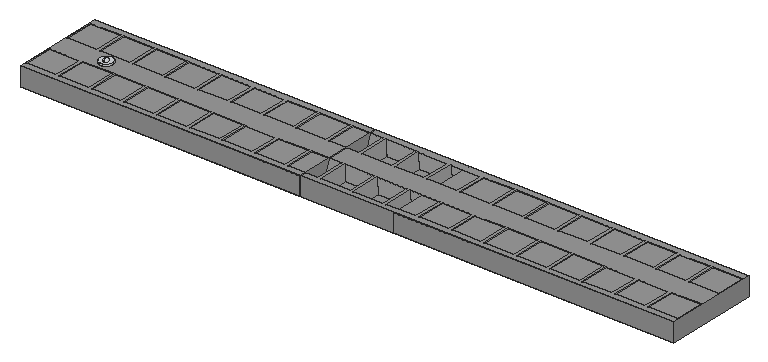
Revit family "2023776", category Lighting Fixtures, host Face, Revit 2018
Family settings
  Host = Face
  Round Connector Dimension = Use Diameter
  Part Type = Normal
  OmniClass Number = 23.80.70.00
  OmniClass Title = Lighting
  Cut with Voids When Loaded = No
  Light Source = Yes
  Shared = No
  Room Calculation Point = No
Parameters (values of type "2023776 OPTIX S 1500 2L D/I HO 4K ALU SSC")
  Weight = "n/a"
  Wattage Comments = ""
  Wattage = 9.2903 W
  WarrantyStartDate [instance] = "n/a"
  WarrantyGuarantorParts = "n/a"
  WarrantyDurationUnit = "n/a"
  WarrantyDurationParts = ""
  WarrantyDescription = "http://www.sylvania-lighting.com"
  built-in parameter 1150110 = 1 (stored number, unit not read)
  Voltage = 0 V
  URL = "0.98"
  TypeName = "OPTIX SURFACE 1500 2L D/I HO 4000K ALU SSC"
  Type Image = <None>
  Type Comments = "n/a"
  built-in parameter 1114217 = 1 (stored number, unit not read)
  Tilt Angle = -90.00°
  built-in parameter 1150109 = 1 (stored number, unit not read)
  built-in parameter 1150134 = 3
  built-in parameter 1150113 = 1 (stored number, unit not read)
  SerialNumber [instance] = "n/a"
  Photometric Web File = "2023776.ies"
  Material_3_SYL = none
  PowerFactor = 0
  PowerConsumption = "Lighting"
  NominalLength = 200 mm
  NominalHeight = 45 mm
  NominalDepth = 200 mm
  Name = "OPTIX SURFACE 1500 2L D/I HO 4000K ALU SSC"
  ModelReference = Name  # "OPTIX SURFACE 1500 2L D/I HO 4000K ALU SSC"
  ModelNumber = "2023776"
  Model = Name  # "OPTIX SURFACE 1500 2L D/I HO 4000K ALU SSC"
  Material = "Feilo Sylvania"
  ManufacturerName = "149 lm/W"
  Manufacturer = ""
  LuminousEfficacy = ""
  built-in parameter 1150105 = 109.82 (stored number, unit not read)
  Lumens = 1380 lm
  LuminaireType = "0"
  built-in parameter 1150115 = 1 (stored number, unit not read)
  LightOutputRatio = "LED"
  built-in parameter 1150137 = (empty or 0)
  built-in parameter 1150139 = (empty or 0)
  LampsType = Lamp  # "n/a"
  LampNominalLuminous = "4000 K"
  LampMacAdamStep = "80"
  LampColourTemperature = "LED"
  LampColourRenderingIndex = "16500"
  built-in parameter 1150112 = 1 (stored number, unit not read)
  built-in parameter 1150114 = 1 (stored number, unit not read)
  Lamp = "n/a"
  Keynote = "n/a"
  InstallationDate [instance] = "n/a"
  InputVoltage = "0"
  InputNominalFrequency = "4000"
  built-in parameter 1150132 = (empty or 0)
  built-in parameter 1150102 = (empty or 0)
  built-in parameter 1150107 = 3200 (stored number, unit not read)
  built-in parameter 1150138 = (empty or 0)
  IngressProtection = "IfcLightFixtureType"
  ImpactProtectionIndex = "IfcLightFixtureType"
  built-in parameter 1150106 = 1.0982 (stored number, unit not read)
  IfcExportType = "IfcLightFixtureType"
  IfcExportAs = "Class I"
  Emit from Circle Diameter = 609.6 mm
  Emit Shape Visible in Rendering = no
  ElectricShockClassification = "149"
  built-in parameter 1150104 = 13.8 (stored number, unit not read)
  DocumentationLiterature = "http://www.sylvania-lighting.com/product/en-int/products/2023776"
  DimmingControlOptions = "n/a"
  Material_2_SYL = none
  Dimming Lamp Color Temperature Shift = <None>
  Description = "OPTIX SURFACE 1500x200 2 LINE D/I HO 4000K ALU SSC is a high efficacy low glare luminaire for office and education applications. Direct / Indirect lighting with 80% downlight and 20% uplight ratio for ceiling suspended mounting. Size: 1410x200x45mm. Aluminised plastic extra low glare optics in 2 lines configuration. White RAL9016 fixture body. SylSmart Standalone capable. 4000K Neutral White LED, CRI>80, chromaticity tolerance of 3-step MacAdam ellipse. Luminous flux 7000lm. Power consumption 47W. Luminaire efficacy 149lm/W. Lifespan: 60,000 hours L90B10. UGR<16, Luminance at 65°<200 Cd/m2, IK07, IP20. Photobiological safety risk group 1. Electrical protection Class I. Glow wire test 850°C"
  Default Elevation = 1219.2 mm
  CreatedOn = "22/09/2022"
  CreatedBy = "@sylvania-lighting.com"
  Cost = 0
  Color Filter = 16777215
  built-in parameter 1114216 [instance] = (empty or 0)
  ClassificationValue = "EF_70_80"
  ClassificationName = "Uniclass2015"
  Material_1_SYL = none
  BarCode [instance] = "n/a"
  built-in parameter 1114218 = 1 (stored number, unit not read)
  built-in parameter 1150133 = 10 (stored number, unit not read)
  AssetType = "Fixed"
  AssetIdentifier [instance] = "n/a"
  Assembly Code = "D5020200"
  Apparent Load = 47 VA
  Material_4_SYL = none
Reference planes
  plane 1 "Center (Front/Back)": y = 0
  plane 2: z = 0
  plane 3 "Center (Left/Right)": x = 0
  plane 4: x = -100
  plane 5: x = 100
  plane 6: y = 100
  plane 7: y = -100
  plane 8: z = 45
  plane 9: x = -698.5
  plane 10: x = 698.5
  plane 11: x = -633
  plane 12: y = 23
  plane 13: y = -23
  plane 14: x = -563
  plane 15: x = -557
  plane 16: x = -493
  plane 17: x = -487
  plane 18: x = -423
  plane 19: x = -417
  plane 20: x = -353
  plane 21: x = -347
  plane 22: x = -283
  plane 23: x = -277
  plane 24: x = -213
  plane 25: x = -206.997
  plane 26: x = -142.997
  plane 27: x = -136.997
  plane 28: x = -72.997
  plane 29: x = -66.997
  plane 30: x = -2.997
  plane 31: x = 3.003
  plane 32: x = 67.003
  plane 33: x = 73.003
  plane 34: x = 137.003
  plane 35: x = 143.003
  plane 36: x = 207.003
  plane 37: x = 213.003
  plane 38: x = 277.003
  plane 39: x = 283.003
  plane 40: x = 347.003
  plane 41: x = 353.003
  plane 42: x = 417.003
  plane 43: x = 423.003
  plane 44: x = 487.003
  plane 45: x = 493.003
  plane 46: x = 557.003
  plane 47: x = 563.003
  plane 48: x = 627.003
  plane 49: x = 633.003
  plane 50: x = -627
  plane 51: x = 697.011
  plane 52: x = -697
  plane 53: y = -87
  plane 54: y = -55
  plane 55: y = -33.5
  plane 56: y = -76.5
  plane 57: x = -665
  plane 58: x = -643.5
  plane 59: x = -686.5
  plane 60: x = -595
  plane 61: y = -5
  plane 62: z = 52.5
Forms (mm)
  Extrusion 1, solid, material "Aluminum", detail levels medium+fine
    sketch origin (0, 0, 0) x (1, 0, 0) y (0, 1, 0)
      loop
        line (-512.5, 10) -> (-512.5, -10) -> (-487.5, -10) -> (-487.5, 10) -> (-512.5, 10)
    from 0 to 6
  Extrusion 2, solid, material "Aluminum", detail levels medium+fine
    sketch origin (0, 0, 0) x (1, 0, 0) y (0, 1, 0)
      loop
        line (486, 10) -> (486, -10) -> (511, -10) -> (511, 10) -> (486, 10)
    from 0 to 6
  Extrusion 3, solid, material "Aluminum", detail levels medium+fine
    sketch origin (0, 0, 0) x (1, 0, 0) y (0, 1, 0)
      loop
        line (-698.5, 100) -> (-698.5, -100) -> (698.5, -100) -> (698.5, 100) -> (-698.5, 100)
    from 6 to 45
  Extrusion 4, solid, material "Aluminum", detail levels medium+fine
    sketch origin (0, 0, 0) x (1, 0, 0) y (0, 1, 0)
      loop
        line (-100, 100) -> (-698.5, 100) -> (-698.5, -100) -> (-100, -100) -> (-100, 100)
    from 6 to 45
  Extrusion 5, solid, material "Aluminum", detail levels medium+fine
    sketch origin (0, 0, 0) x (1, 0, 0) y (0, 1, 0)
      loop
        line (698.5, 100) -> (100, 100) -> (100, -100) -> (698.5, -100) -> (698.5, 100)
    from 6 to 45
  Blend 6, void
    base sketch origin (0, 0, 0) x (1, 0, 0) y (0, 1, 0)
      loop
        line (-697, -23) -> (-697, -87) -> (-633, -87) -> (-633, -23) -> (-697, -23)
    top sketch origin (0, 0, 0) x (1, 0, 0) y (0, 1, 0)
      loop
        line (-686.5, -33.5) -> (-686.5, -76.5) -> (-643.5, -76.5) -> (-643.5, -33.5) -> (-686.5, -33.5)
    from 45 to 18.5
  Extrusion 7, solid, material "Glass, White, High Luminance", detail levels fine
    sketch origin (0, 0, 0) x (1, 0, 0) y (0, 1, 0)
      loop
        line (-686.5, -33.5) -> (-686.5, -76.5) -> (-643.5, -76.5) -> (-643.5, -33.5) -> (-686.5, -33.5)
    from 18.5 to 20
  Blend 8, void
    base sketch origin (70, 0, 0) x (1, 0, 0) y (0, 1, 0)
      loop
        line (-697, -23) -> (-697, -87) -> (-633, -87) -> (-633, -23) -> (-697, -23)
    top sketch origin (70, 0, 0) x (1, 0, 0) y (0, 1, 0)
      loop
        line (-686.5, -33.5) -> (-686.5, -76.5) -> (-643.5, -76.5) -> (-643.5, -33.5) -> (-686.5, -33.5)
    from 45 to 18.5
  Blend 9, void
    base sketch origin (140, 0, 0) x (1, 0, 0) y (0, 1, 0)
      loop
        line (-697, -23) -> (-697, -87) -> (-633, -87) -> (-633, -23) -> (-697, -23)
    top sketch origin (140, 0, 0) x (1, 0, 0) y (0, 1, 0)
      loop
        line (-686.5, -33.5) -> (-686.5, -76.5) -> (-643.5, -76.5) -> (-643.5, -33.5) -> (-686.5, -33.5)
    from 45 to 18.5
  Blend 10, void
    base sketch origin (210, 0, 0) x (1, 0, 0) y (0, 1, 0)
      loop
        line (-697, -23) -> (-697, -87) -> (-633, -87) -> (-633, -23) -> (-697, -23)
    top sketch origin (210, 0, 0) x (1, 0, 0) y (0, 1, 0)
      loop
        line (-686.5, -33.5) -> (-686.5, -76.5) -> (-643.5, -76.5) -> (-643.5, -33.5) -> (-686.5, -33.5)
    from 45 to 18.5
  Blend 11, void
    base sketch origin (280, 0, 0) x (1, 0, 0) y (0, 1, 0)
      loop
        line (-697, -23) -> (-697, -87) -> (-633, -87) -> (-633, -23) -> (-697, -23)
    top sketch origin (280, 0, 0) x (1, 0, 0) y (0, 1, 0)
      loop
        line (-686.5, -33.5) -> (-686.5, -76.5) -> (-643.5, -76.5) -> (-643.5, -33.5) -> (-686.5, -33.5)
    from 45 to 18.5
  Blend 12, void
    base sketch origin (350, 0, 0) x (1, 0, 0) y (0, 1, 0)
      loop
        line (-697, -23) -> (-697, -87) -> (-633, -87) -> (-633, -23) -> (-697, -23)
    top sketch origin (350, 0, 0) x (1, 0, 0) y (0, 1, 0)
      loop
        line (-686.5, -33.5) -> (-686.5, -76.5) -> (-643.5, -76.5) -> (-643.5, -33.5) -> (-686.5, -33.5)
    from 45 to 18.5
  Blend 13, void
    base sketch origin (420, 0, 0) x (1, 0, 0) y (0, 1, 0)
      loop
        line (-697, -23) -> (-697, -87) -> (-633, -87) -> (-633, -23) -> (-697, -23)
    top sketch origin (420, 0, 0) x (1, 0, 0) y (0, 1, 0)
      loop
        line (-686.5, -33.5) -> (-686.5, -76.5) -> (-643.5, -76.5) -> (-643.5, -33.5) -> (-686.5, -33.5)
    from 45 to 18.5
  Blend 14, void
    base sketch origin (490.003, 0, 0) x (1, 0, 0) y (0, 1, 0)
      loop
        line (-697, -23) -> (-697, -87) -> (-633, -87) -> (-633, -23) -> (-697, -23)
    top sketch origin (490.003, 0, 0) x (1, 0, 0) y (0, 1, 0)
      loop
        line (-686.5, -33.5) -> (-686.5, -76.5) -> (-643.5, -76.5) -> (-643.5, -33.5) -> (-686.5, -33.5)
    from 45 to 18.5
  Blend 15, void
    base sketch origin (560.003, 0, 0) x (1, 0, 0) y (0, 1, 0)
      loop
        line (-697, -23) -> (-697, -87) -> (-633, -87) -> (-633, -23) -> (-697, -23)
    top sketch origin (560.003, 0, 0) x (1, 0, 0) y (0, 1, 0)
      loop
        line (-686.5, -33.5) -> (-686.5, -76.5) -> (-643.5, -76.5) -> (-643.5, -33.5) -> (-686.5, -33.5)
    from 45 to 18.5
  Blend 16, void
    base sketch origin (630.003, 0, 0) x (1, 0, 0) y (0, 1, 0)
      loop
        line (-697, -23) -> (-697, -87) -> (-633, -87) -> (-633, -23) -> (-697, -23)
    top sketch origin (630.003, 0, 0) x (1, 0, 0) y (0, 1, 0)
      loop
        line (-686.5, -33.5) -> (-686.5, -76.5) -> (-643.5, -76.5) -> (-643.5, -33.5) -> (-686.5, -33.5)
    from 45 to 18.5
  Blend 17, void
    base sketch origin (700.003, 0, 0) x (1, 0, 0) y (0, 1, 0)
      loop
        line (-697, -23) -> (-697, -87) -> (-633, -87) -> (-633, -23) -> (-697, -23)
    top sketch origin (700.003, 0, 0) x (1, 0, 0) y (0, 1, 0)
      loop
        line (-686.5, -33.5) -> (-686.5, -76.5) -> (-643.5, -76.5) -> (-643.5, -33.5) -> (-686.5, -33.5)
    from 45 to 18.5
  Blend 18, void
    base sketch origin (770.003, 0, 0) x (1, 0, 0) y (0, 1, 0)
      loop
        line (-697, -23) -> (-697, -87) -> (-633, -87) -> (-633, -23) -> (-697, -23)
    top sketch origin (770.003, 0, 0) x (1, 0, 0) y (0, 1, 0)
      loop
        line (-686.5, -33.5) -> (-686.5, -76.5) -> (-643.5, -76.5) -> (-643.5, -33.5) -> (-686.5, -33.5)
    from 45 to 18.5
  Blend 19, void
    base sketch origin (840.003, 0, 0) x (1, 0, 0) y (0, 1, 0)
      loop
        line (-697, -23) -> (-697, -87) -> (-633, -87) -> (-633, -23) -> (-697, -23)
    top sketch origin (840.003, 0, 0) x (1, 0, 0) y (0, 1, 0)
      loop
        line (-686.5, -33.5) -> (-686.5, -76.5) -> (-643.5, -76.5) -> (-643.5, -33.5) -> (-686.5, -33.5)
    from 45 to 18.5
  Blend 20, void
    base sketch origin (910.003, 0, 0) x (1, 0, 0) y (0, 1, 0)
      loop
        line (-697, -23) -> (-697, -87) -> (-633, -87) -> (-633, -23) -> (-697, -23)
    top sketch origin (910.003, 0, 0) x (1, 0, 0) y (0, 1, 0)
      loop
        line (-686.5, -33.5) -> (-686.5, -76.5) -> (-643.5, -76.5) -> (-643.5, -33.5) -> (-686.5, -33.5)
    from 45 to 18.5
  Blend 21, void
    base sketch origin (980.003, 0, 0) x (1, 0, 0) y (0, 1, 0)
      loop
        line (-697, -23) -> (-697, -87) -> (-633, -87) -> (-633, -23) -> (-697, -23)
    top sketch origin (980.003, 0, 0) x (1, 0, 0) y (0, 1, 0)
      loop
        line (-686.5, -33.5) -> (-686.5, -76.5) -> (-643.5, -76.5) -> (-643.5, -33.5) -> (-686.5, -33.5)
    from 45 to 18.5
  Blend 22, void
    base sketch origin (1050.003, 0, 0) x (1, 0, 0) y (0, 1, 0)
      loop
        line (-697, -23) -> (-697, -87) -> (-633, -87) -> (-633, -23) -> (-697, -23)
    top sketch origin (1050.003, 0, 0) x (1, 0, 0) y (0, 1, 0)
      loop
        line (-686.5, -33.5) -> (-686.5, -76.5) -> (-643.5, -76.5) -> (-643.5, -33.5) -> (-686.5, -33.5)
    from 45 to 18.5
  Blend 23, void
    base sketch origin (1120.003, 0, 0) x (1, 0, 0) y (0, 1, 0)
      loop
        line (-697, -23) -> (-697, -87) -> (-633, -87) -> (-633, -23) -> (-697, -23)
    top sketch origin (1120.003, 0, 0) x (1, 0, 0) y (0, 1, 0)
      loop
        line (-686.5, -33.5) -> (-686.5, -76.5) -> (-643.5, -76.5) -> (-643.5, -33.5) -> (-686.5, -33.5)
    from 45 to 18.5
  Blend 24, void
    base sketch origin (1190.003, 0, 0) x (1, 0, 0) y (0, 1, 0)
      loop
        line (-697, -23) -> (-697, -87) -> (-633, -87) -> (-633, -23) -> (-697, -23)
    top sketch origin (1190.003, 0, 0) x (1, 0, 0) y (0, 1, 0)
      loop
        line (-686.5, -33.5) -> (-686.5, -76.5) -> (-643.5, -76.5) -> (-643.5, -33.5) -> (-686.5, -33.5)
    from 45 to 18.5
  Blend 25, void
    base sketch origin (1260.003, 0, 0) x (1, 0, 0) y (0, 1, 0)
      loop
        line (-697, -23) -> (-697, -87) -> (-633, -87) -> (-633, -23) -> (-697, -23)
    top sketch origin (1260.003, 0, 0) x (1, 0, 0) y (0, 1, 0)
      loop
        line (-686.5, -33.5) -> (-686.5, -76.5) -> (-643.5, -76.5) -> (-643.5, -33.5) -> (-686.5, -33.5)
    from 45 to 18.5
  Blend 26, void
    base sketch origin (1330.003, 0, 0) x (1, 0, 0) y (0, 1, 0)
      loop
        line (-697, -23) -> (-697, -87) -> (-633, -87) -> (-633, -23) -> (-697, -23)
    top sketch origin (1330.003, 0, 0) x (1, 0, 0) y (0, 1, 0)
      loop
        line (-686.5, -33.5) -> (-686.5, -76.5) -> (-643.5, -76.5) -> (-643.5, -33.5) -> (-686.5, -33.5)
    from 45 to 18.5
  Extrusion 27, solid, material "Glass, White, High Luminance", detail levels fine
    sketch origin (70, 0, 0) x (1, 0, 0) y (0, 1, 0)
      loop
        line (-686.5, -33.5) -> (-686.5, -76.5) -> (-643.5, -76.5) -> (-643.5, -33.5) -> (-686.5, -33.5)
    from 18.5 to 20
  Extrusion 28, solid, material "Glass, White, High Luminance", detail levels fine
    sketch origin (140, 0, 0) x (1, 0, 0) y (0, 1, 0)
      loop
        line (-686.5, -33.5) -> (-686.5, -76.5) -> (-643.5, -76.5) -> (-643.5, -33.5) -> (-686.5, -33.5)
    from 18.5 to 20
  Extrusion 29, solid, material "Glass, White, High Luminance", detail levels fine
    sketch origin (210, 0, 0) x (1, 0, 0) y (0, 1, 0)
      loop
        line (-686.5, -33.5) -> (-686.5, -76.5) -> (-643.5, -76.5) -> (-643.5, -33.5) -> (-686.5, -33.5)
    from 18.5 to 20
  Extrusion 30, solid, material "Glass, White, High Luminance", detail levels fine
    sketch origin (280, 0, 0) x (1, 0, 0) y (0, 1, 0)
      loop
        line (-686.5, -33.5) -> (-686.5, -76.5) -> (-643.5, -76.5) -> (-643.5, -33.5) -> (-686.5, -33.5)
    from 18.5 to 20
  Extrusion 31, solid, material "Glass, White, High Luminance", detail levels fine
    sketch origin (350, 0, 0) x (1, 0, 0) y (0, 1, 0)
      loop
        line (-686.5, -33.5) -> (-686.5, -76.5) -> (-643.5, -76.5) -> (-643.5, -33.5) -> (-686.5, -33.5)
    from 18.5 to 20
  Extrusion 32, solid, material "Glass, White, High Luminance", detail levels fine
    sketch origin (420, 0, 0) x (1, 0, 0) y (0, 1, 0)
      loop
        line (-686.5, -33.5) -> (-686.5, -76.5) -> (-643.5, -76.5) -> (-643.5, -33.5) -> (-686.5, -33.5)
    from 18.5 to 20
  Extrusion 33, solid, material "Glass, White, High Luminance", detail levels fine
    sketch origin (490.003, 0, 0) x (1, 0, 0) y (0, 1, 0)
      loop
        line (-686.5, -33.5) -> (-686.5, -76.5) -> (-643.5, -76.5) -> (-643.5, -33.5) -> (-686.5, -33.5)
    from 18.5 to 20
  Extrusion 34, solid, material "Glass, White, High Luminance", detail levels fine
    sketch origin (560.003, 0, 0) x (1, 0, 0) y (0, 1, 0)
      loop
        line (-686.5, -33.5) -> (-686.5, -76.5) -> (-643.5, -76.5) -> (-643.5, -33.5) -> (-686.5, -33.5)
    from 18.5 to 20
  Extrusion 35, solid, material "Glass, White, High Luminance", detail levels fine
    sketch origin (630.003, 0, 0) x (1, 0, 0) y (0, 1, 0)
      loop
        line (-686.5, -33.5) -> (-686.5, -76.5) -> (-643.5, -76.5) -> (-643.5, -33.5) -> (-686.5, -33.5)
    from 18.5 to 20
  Extrusion 36, solid, material "Glass, White, High Luminance", detail levels fine
    sketch origin (700.003, 0, 0) x (1, 0, 0) y (0, 1, 0)
      loop
        line (-686.5, -33.5) -> (-686.5, -76.5) -> (-643.5, -76.5) -> (-643.5, -33.5) -> (-686.5, -33.5)
    from 18.5 to 20
  Extrusion 37, solid, material "Glass, White, High Luminance", detail levels fine
    sketch origin (770.003, 0, 0) x (1, 0, 0) y (0, 1, 0)
      loop
        line (-686.5, -33.5) -> (-686.5, -76.5) -> (-643.5, -76.5) -> (-643.5, -33.5) -> (-686.5, -33.5)
    from 18.5 to 20
  Extrusion 38, solid, material "Glass, White, High Luminance", detail levels fine
    sketch origin (840.003, 0, 0) x (1, 0, 0) y (0, 1, 0)
      loop
        line (-686.5, -33.5) -> (-686.5, -76.5) -> (-643.5, -76.5) -> (-643.5, -33.5) -> (-686.5, -33.5)
    from 18.5 to 20
  Extrusion 39, solid, material "Glass, White, High Luminance", detail levels fine
    sketch origin (910.003, 0, 0) x (1, 0, 0) y (0, 1, 0)
      loop
        line (-686.5, -33.5) -> (-686.5, -76.5) -> (-643.5, -76.5) -> (-643.5, -33.5) -> (-686.5, -33.5)
    from 18.5 to 20
  Extrusion 40, solid, material "Glass, White, High Luminance", detail levels fine
    sketch origin (980.003, 0, 0) x (1, 0, 0) y (0, 1, 0)
      loop
        line (-686.5, -33.5) -> (-686.5, -76.5) -> (-643.5, -76.5) -> (-643.5, -33.5) -> (-686.5, -33.5)
    from 18.5 to 20
  Extrusion 41, solid, material "Glass, White, High Luminance", detail levels fine
    sketch origin (1050.003, 0, 0) x (1, 0, 0) y (0, 1, 0)
      loop
        line (-686.5, -33.5) -> (-686.5, -76.5) -> (-643.5, -76.5) -> (-643.5, -33.5) -> (-686.5, -33.5)
    from 18.5 to 20
  Extrusion 42, solid, material "Glass, White, High Luminance", detail levels fine
    sketch origin (1120.003, 0, 0) x (1, 0, 0) y (0, 1, 0)
      loop
        line (-686.5, -33.5) -> (-686.5, -76.5) -> (-643.5, -76.5) -> (-643.5, -33.5) -> (-686.5, -33.5)
    from 18.5 to 20
  Extrusion 43, solid, material "Glass, White, High Luminance", detail levels fine
    sketch origin (1190.003, 0, 0) x (1, 0, 0) y (0, 1, 0)
      loop
        line (-686.5, -33.5) -> (-686.5, -76.5) -> (-643.5, -76.5) -> (-643.5, -33.5) -> (-686.5, -33.5)
    from 18.5 to 20
  Extrusion 44, solid, material "Glass, White, High Luminance", detail levels fine
    sketch origin (1260.003, 0, 0) x (1, 0, 0) y (0, 1, 0)
      loop
        line (-686.5, -33.5) -> (-686.5, -76.5) -> (-643.5, -76.5) -> (-643.5, -33.5) -> (-686.5, -33.5)
    from 18.5 to 20
  Extrusion 45, solid, material "Glass, White, High Luminance", detail levels fine
    sketch origin (1330.003, 0, 0) x (1, 0, 0) y (0, 1, 0)
      loop
        line (-686.5, -33.5) -> (-686.5, -76.5) -> (-643.5, -76.5) -> (-643.5, -33.5) -> (-686.5, -33.5)
    from 18.5 to 20
  Blend 46, void
    base sketch origin (0, 110, 0) x (1, 0, 0) y (0, 1, 0)
      loop
        line (-697, -23) -> (-697, -87) -> (-633, -87) -> (-633, -23) -> (-697, -23)
    top sketch origin (0, 110, 0) x (1, 0, 0) y (0, 1, 0)
      loop
        line (-686.5, -33.5) -> (-686.5, -76.5) -> (-643.5, -76.5) -> (-643.5, -33.5) -> (-686.5, -33.5)
    from 45 to 18.5
  Blend 47, void
    base sketch origin (70, 110, 0) x (1, 0, 0) y (0, 1, 0)
      loop
        line (-697, -23) -> (-697, -87) -> (-633, -87) -> (-633, -23) -> (-697, -23)
    top sketch origin (70, 110, 0) x (1, 0, 0) y (0, 1, 0)
      loop
        line (-686.5, -33.5) -> (-686.5, -76.5) -> (-643.5, -76.5) -> (-643.5, -33.5) -> (-686.5, -33.5)
    from 45 to 18.5
  Blend 48, void
    base sketch origin (140, 110, 0) x (1, 0, 0) y (0, 1, 0)
      loop
        line (-697, -23) -> (-697, -87) -> (-633, -87) -> (-633, -23) -> (-697, -23)
    top sketch origin (140, 110, 0) x (1, 0, 0) y (0, 1, 0)
      loop
        line (-686.5, -33.5) -> (-686.5, -76.5) -> (-643.5, -76.5) -> (-643.5, -33.5) -> (-686.5, -33.5)
    from 45 to 18.5
  Blend 49, void
    base sketch origin (210, 110, 0) x (1, 0, 0) y (0, 1, 0)
      loop
        line (-697, -23) -> (-697, -87) -> (-633, -87) -> (-633, -23) -> (-697, -23)
    top sketch origin (210, 110, 0) x (1, 0, 0) y (0, 1, 0)
      loop
        line (-686.5, -33.5) -> (-686.5, -76.5) -> (-643.5, -76.5) -> (-643.5, -33.5) -> (-686.5, -33.5)
    from 45 to 18.5
  Blend 50, void
    base sketch origin (280, 110, 0) x (1, 0, 0) y (0, 1, 0)
      loop
        line (-697, -23) -> (-697, -87) -> (-633, -87) -> (-633, -23) -> (-697, -23)
    top sketch origin (280, 110, 0) x (1, 0, 0) y (0, 1, 0)
      loop
        line (-686.5, -33.5) -> (-686.5, -76.5) -> (-643.5, -76.5) -> (-643.5, -33.5) -> (-686.5, -33.5)
    from 45 to 18.5
  Blend 51, void
    base sketch origin (350, 110, 0) x (1, 0, 0) y (0, 1, 0)
      loop
        line (-697, -23) -> (-697, -87) -> (-633, -87) -> (-633, -23) -> (-697, -23)
    top sketch origin (350, 110, 0) x (1, 0, 0) y (0, 1, 0)
      loop
        line (-686.5, -33.5) -> (-686.5, -76.5) -> (-643.5, -76.5) -> (-643.5, -33.5) -> (-686.5, -33.5)
    from 45 to 18.5
  Blend 52, void
    base sketch origin (420, 110, 0) x (1, 0, 0) y (0, 1, 0)
      loop
        line (-697, -23) -> (-697, -87) -> (-633, -87) -> (-633, -23) -> (-697, -23)
    top sketch origin (420, 110, 0) x (1, 0, 0) y (0, 1, 0)
      loop
        line (-686.5, -33.5) -> (-686.5, -76.5) -> (-643.5, -76.5) -> (-643.5, -33.5) -> (-686.5, -33.5)
    from 45 to 18.5
  Blend 53, void
    base sketch origin (490.003, 110, 0) x (1, 0, 0) y (0, 1, 0)
      loop
        line (-697, -23) -> (-697, -87) -> (-633, -87) -> (-633, -23) -> (-697, -23)
    top sketch origin (490.003, 110, 0) x (1, 0, 0) y (0, 1, 0)
      loop
        line (-686.5, -33.5) -> (-686.5, -76.5) -> (-643.5, -76.5) -> (-643.5, -33.5) -> (-686.5, -33.5)
    from 45 to 18.5
  Blend 54, void
    base sketch origin (560.003, 110, 0) x (1, 0, 0) y (0, 1, 0)
      loop
        line (-697, -23) -> (-697, -87) -> (-633, -87) -> (-633, -23) -> (-697, -23)
    top sketch origin (560.003, 110, 0) x (1, 0, 0) y (0, 1, 0)
      loop
        line (-686.5, -33.5) -> (-686.5, -76.5) -> (-643.5, -76.5) -> (-643.5, -33.5) -> (-686.5, -33.5)
    from 45 to 18.5
  Blend 55, void
    base sketch origin (630.003, 110, 0) x (1, 0, 0) y (0, 1, 0)
      loop
        line (-697, -23) -> (-697, -87) -> (-633, -87) -> (-633, -23) -> (-697, -23)
    top sketch origin (630.003, 110, 0) x (1, 0, 0) y (0, 1, 0)
      loop
        line (-686.5, -33.5) -> (-686.5, -76.5) -> (-643.5, -76.5) -> (-643.5, -33.5) -> (-686.5, -33.5)
    from 45 to 18.5
  Blend 56, void
    base sketch origin (700.003, 110, 0) x (1, 0, 0) y (0, 1, 0)
      loop
        line (-697, -23) -> (-697, -87) -> (-633, -87) -> (-633, -23) -> (-697, -23)
    top sketch origin (700.003, 110, 0) x (1, 0, 0) y (0, 1, 0)
      loop
        line (-686.5, -33.5) -> (-686.5, -76.5) -> (-643.5, -76.5) -> (-643.5, -33.5) -> (-686.5, -33.5)
    from 45 to 18.5
  Blend 57, void
    base sketch origin (770.003, 110, 0) x (1, 0, 0) y (0, 1, 0)
      loop
        line (-697, -23) -> (-697, -87) -> (-633, -87) -> (-633, -23) -> (-697, -23)
    top sketch origin (770.003, 110, 0) x (1, 0, 0) y (0, 1, 0)
      loop
        line (-686.5, -33.5) -> (-686.5, -76.5) -> (-643.5, -76.5) -> (-643.5, -33.5) -> (-686.5, -33.5)
    from 45 to 18.5
  Blend 58, void
    base sketch origin (840.003, 110, 0) x (1, 0, 0) y (0, 1, 0)
      loop
        line (-697, -23) -> (-697, -87) -> (-633, -87) -> (-633, -23) -> (-697, -23)
    top sketch origin (840.003, 110, 0) x (1, 0, 0) y (0, 1, 0)
      loop
        line (-686.5, -33.5) -> (-686.5, -76.5) -> (-643.5, -76.5) -> (-643.5, -33.5) -> (-686.5, -33.5)
    from 45 to 18.5
  Blend 59, void
    base sketch origin (910.003, 110, 0) x (1, 0, 0) y (0, 1, 0)
      loop
        line (-697, -23) -> (-697, -87) -> (-633, -87) -> (-633, -23) -> (-697, -23)
    top sketch origin (910.003, 110, 0) x (1, 0, 0) y (0, 1, 0)
      loop
        line (-686.5, -33.5) -> (-686.5, -76.5) -> (-643.5, -76.5) -> (-643.5, -33.5) -> (-686.5, -33.5)
    from 45 to 18.5
  Blend 60, void
    base sketch origin (980.003, 110, 0) x (1, 0, 0) y (0, 1, 0)
      loop
        line (-697, -23) -> (-697, -87) -> (-633, -87) -> (-633, -23) -> (-697, -23)
    top sketch origin (980.003, 110, 0) x (1, 0, 0) y (0, 1, 0)
      loop
        line (-686.5, -33.5) -> (-686.5, -76.5) -> (-643.5, -76.5) -> (-643.5, -33.5) -> (-686.5, -33.5)
    from 45 to 18.5
  Blend 61, void
    base sketch origin (1050.003, 110, 0) x (1, 0, 0) y (0, 1, 0)
      loop
        line (-697, -23) -> (-697, -87) -> (-633, -87) -> (-633, -23) -> (-697, -23)
    top sketch origin (1050.003, 110, 0) x (1, 0, 0) y (0, 1, 0)
      loop
        line (-686.5, -33.5) -> (-686.5, -76.5) -> (-643.5, -76.5) -> (-643.5, -33.5) -> (-686.5, -33.5)
    from 45 to 18.5
  Blend 62, void
    base sketch origin (1120.003, 110, 0) x (1, 0, 0) y (0, 1, 0)
      loop
        line (-697, -23) -> (-697, -87) -> (-633, -87) -> (-633, -23) -> (-697, -23)
    top sketch origin (1120.003, 110, 0) x (1, 0, 0) y (0, 1, 0)
      loop
        line (-686.5, -33.5) -> (-686.5, -76.5) -> (-643.5, -76.5) -> (-643.5, -33.5) -> (-686.5, -33.5)
    from 45 to 18.5
  Blend 63, void
    base sketch origin (1190.003, 110, 0) x (1, 0, 0) y (0, 1, 0)
      loop
        line (-697, -23) -> (-697, -87) -> (-633, -87) -> (-633, -23) -> (-697, -23)
    top sketch origin (1190.003, 110, 0) x (1, 0, 0) y (0, 1, 0)
      loop
        line (-686.5, -33.5) -> (-686.5, -76.5) -> (-643.5, -76.5) -> (-643.5, -33.5) -> (-686.5, -33.5)
    from 45 to 18.5
  Blend 64, void
    base sketch origin (1260.003, 110, 0) x (1, 0, 0) y (0, 1, 0)
      loop
        line (-697, -23) -> (-697, -87) -> (-633, -87) -> (-633, -23) -> (-697, -23)
    top sketch origin (1260.003, 110, 0) x (1, 0, 0) y (0, 1, 0)
      loop
        line (-686.5, -33.5) -> (-686.5, -76.5) -> (-643.5, -76.5) -> (-643.5, -33.5) -> (-686.5, -33.5)
    from 45 to 18.5
  Blend 65, void
    base sketch origin (1330.003, 110, 0) x (1, 0, 0) y (0, 1, 0)
      loop
        line (-697, -23) -> (-697, -87) -> (-633, -87) -> (-633, -23) -> (-697, -23)
    top sketch origin (1330.003, 110, 0) x (1, 0, 0) y (0, 1, 0)
      loop
        line (-686.5, -33.5) -> (-686.5, -76.5) -> (-643.5, -76.5) -> (-643.5, -33.5) -> (-686.5, -33.5)
    from 45 to 18.5
  Extrusion 66, solid, material "Glass, White, High Luminance", detail levels fine
    sketch origin (0, 110, 0) x (1, 0, 0) y (0, 1, 0)
      loop
        line (-686.5, -33.5) -> (-686.5, -76.5) -> (-643.5, -76.5) -> (-643.5, -33.5) -> (-686.5, -33.5)
    from 18.5 to 20
  Extrusion 67, solid, material "Glass, White, High Luminance", detail levels fine
    sketch origin (70, 110, 0) x (1, 0, 0) y (0, 1, 0)
      loop
        line (-686.5, -33.5) -> (-686.5, -76.5) -> (-643.5, -76.5) -> (-643.5, -33.5) -> (-686.5, -33.5)
    from 18.5 to 20
  Extrusion 68, solid, material "Glass, White, High Luminance", detail levels fine
    sketch origin (140, 110, 0) x (1, 0, 0) y (0, 1, 0)
      loop
        line (-686.5, -33.5) -> (-686.5, -76.5) -> (-643.5, -76.5) -> (-643.5, -33.5) -> (-686.5, -33.5)
    from 18.5 to 20
  Extrusion 69, solid, material "Glass, White, High Luminance", detail levels fine
    sketch origin (210, 110, 0) x (1, 0, 0) y (0, 1, 0)
      loop
        line (-686.5, -33.5) -> (-686.5, -76.5) -> (-643.5, -76.5) -> (-643.5, -33.5) -> (-686.5, -33.5)
    from 18.5 to 20
  Extrusion 70, solid, material "Glass, White, High Luminance", detail levels fine
    sketch origin (280, 110, 0) x (1, 0, 0) y (0, 1, 0)
      loop
        line (-686.5, -33.5) -> (-686.5, -76.5) -> (-643.5, -76.5) -> (-643.5, -33.5) -> (-686.5, -33.5)
    from 18.5 to 20
  Extrusion 71, solid, material "Glass, White, High Luminance", detail levels fine
    sketch origin (350, 110, 0) x (1, 0, 0) y (0, 1, 0)
      loop
        line (-686.5, -33.5) -> (-686.5, -76.5) -> (-643.5, -76.5) -> (-643.5, -33.5) -> (-686.5, -33.5)
    from 18.5 to 20
  Extrusion 72, solid, material "Glass, White, High Luminance", detail levels fine
    sketch origin (420, 110, 0) x (1, 0, 0) y (0, 1, 0)
      loop
        line (-686.5, -33.5) -> (-686.5, -76.5) -> (-643.5, -76.5) -> (-643.5, -33.5) -> (-686.5, -33.5)
    from 18.5 to 20
  Extrusion 73, solid, material "Glass, White, High Luminance", detail levels fine
    sketch origin (700.003, 110, 0) x (1, 0, 0) y (0, 1, 0)
      loop
        line (-686.5, -33.5) -> (-686.5, -76.5) -> (-643.5, -76.5) -> (-643.5, -33.5) -> (-686.5, -33.5)
    from 18.5 to 20
  Extrusion 74, solid, material "Glass, White, High Luminance", detail levels fine
    sketch origin (770.003, 110, 0) x (1, 0, 0) y (0, 1, 0)
      loop
        line (-686.5, -33.5) -> (-686.5, -76.5) -> (-643.5, -76.5) -> (-643.5, -33.5) -> (-686.5, -33.5)
    from 18.5 to 20
  Extrusion 75, solid, material "Glass, White, High Luminance", detail levels fine
    sketch origin (840.003, 110, 0) x (1, 0, 0) y (0, 1, 0)
      loop
        line (-686.5, -33.5) -> (-686.5, -76.5) -> (-643.5, -76.5) -> (-643.5, -33.5) -> (-686.5, -33.5)
    from 18.5 to 20
  Extrusion 76, solid, material "Glass, White, High Luminance", detail levels fine
    sketch origin (910.003, 110, 0) x (1, 0, 0) y (0, 1, 0)
      loop
        line (-686.5, -33.5) -> (-686.5, -76.5) -> (-643.5, -76.5) -> (-643.5, -33.5) -> (-686.5, -33.5)
    from 18.5 to 20
  Extrusion 77, solid, material "Glass, White, High Luminance", detail levels fine
    sketch origin (980.003, 110, 0) x (1, 0, 0) y (0, 1, 0)
      loop
        line (-686.5, -33.5) -> (-686.5, -76.5) -> (-643.5, -76.5) -> (-643.5, -33.5) -> (-686.5, -33.5)
    from 18.5 to 20
  Extrusion 78, solid, material "Glass, White, High Luminance", detail levels fine
    sketch origin (1050.003, 110, 0) x (1, 0, 0) y (0, 1, 0)
      loop
        line (-686.5, -33.5) -> (-686.5, -76.5) -> (-643.5, -76.5) -> (-643.5, -33.5) -> (-686.5, -33.5)
    from 18.5 to 20
  Extrusion 79, solid, material "Glass, White, High Luminance", detail levels fine
    sketch origin (1120.003, 110, 0) x (1, 0, 0) y (0, 1, 0)
      loop
        line (-686.5, -33.5) -> (-686.5, -76.5) -> (-643.5, -76.5) -> (-643.5, -33.5) -> (-686.5, -33.5)
    from 18.5 to 20
  Extrusion 80, solid, material "Glass, White, High Luminance", detail levels fine
    sketch origin (1190.003, 110, 0) x (1, 0, 0) y (0, 1, 0)
      loop
        line (-686.5, -33.5) -> (-686.5, -76.5) -> (-643.5, -76.5) -> (-643.5, -33.5) -> (-686.5, -33.5)
    from 18.5 to 20
  Extrusion 81, solid, material "Glass, White, High Luminance", detail levels fine
    sketch origin (1260.003, 110, 0) x (1, 0, 0) y (0, 1, 0)
      loop
        line (-686.5, -33.5) -> (-686.5, -76.5) -> (-643.5, -76.5) -> (-643.5, -33.5) -> (-686.5, -33.5)
    from 18.5 to 20
  Extrusion 82, solid, material "Glass, White, High Luminance", detail levels fine
    sketch origin (1330.003, 110, 0) x (1, 0, 0) y (0, 1, 0)
      loop
        line (-686.5, -33.5) -> (-686.5, -76.5) -> (-643.5, -76.5) -> (-643.5, -33.5) -> (-686.5, -33.5)
    from 18.5 to 20
  Extrusion 83, solid, material "Glass, White, High Luminance", detail levels fine
    sketch origin (490.003, 110, 0) x (1, 0, 0) y (0, 1, 0)
      loop
        line (-686.5, -33.5) -> (-686.5, -76.5) -> (-643.5, -76.5) -> (-643.5, -33.5) -> (-686.5, -33.5)
    from 18.5 to 20
  Extrusion 84, solid, material "Glass, White, High Luminance", detail levels fine
    sketch origin (560.003, 110, 0) x (1, 0, 0) y (0, 1, 0)
      loop
        line (-686.5, -33.5) -> (-686.5, -76.5) -> (-643.5, -76.5) -> (-643.5, -33.5) -> (-686.5, -33.5)
    from 18.5 to 20
  Extrusion 85, solid, material "Glass, White, High Luminance", detail levels fine
    sketch origin (630.003, 110, 0) x (1, 0, 0) y (0, 1, 0)
      loop
        line (-686.5, -33.5) -> (-686.5, -76.5) -> (-643.5, -76.5) -> (-643.5, -33.5) -> (-686.5, -33.5)
    from 18.5 to 20
  Extrusion 86, solid, detail levels coarse
    sketch origin (0, 0, 0) x (1, 0, 0) y (0, 1, 0)
      loop
        line (-100, 100) -> (-100, -100) -> (100, -100) -> (100, 100) -> (-100, 100)
    from 0 to 52.5
  Extrusion 87, solid, detail levels medium+fine
    sketch origin (0, 0, 0) x (1, 0, 0) y (0, 1, 0)
      loop
        circle (-595, 0) r 14
    from 45 to 48
  Revolve 88, solid, detail levels medium+fine
    sketch origin (-595.001, 1524, 1219.205) x (0, 1, 0) y (0, 0, 1)
      loop
        arc (-1524, -1166.7) -> (-1527.37, -1167.983) -> (-1529, -1171.2) r 5
        line (-1529, -1171.2) -> (-1524, -1171.2) -> (-1524, -1166.7)
      axis (-1524, -1166.7) -> (-1524, -1171.2)
    angle from 0.32 to 360
Cuts and joins
  Blend 6, Blend 8, Blend 9, Blend 10, Blend 11, Blend 12, Blend 13, Blend 14, Blend 15, Blend 16, Blend 17, Blend 18, Blend 19, Blend 20, Blend 21, Blend 22, Blend 23, Blend 24, Blend 25, Blend 26, Blend 46, Blend 47, Blend 48, Blend 49, Blend 50, Blend 51, Blend 52, Blend 53, Blend 54, Blend 55, Blend 56, Blend 57, Blend 58, Blend 59, Blend 60, Blend 61, Blend 62, Blend 63, Blend 64, Blend 65 cuts Extrusion 3
  Blend 8, Blend 46 cuts Extrusion 7
  Blend 47 cuts Extrusion 27
  Blend 48 cuts Extrusion 28
  Blend 49 cuts Extrusion 29
  Blend 50 cuts Extrusion 30
  Blend 51 cuts Extrusion 31
  Blend 52 cuts Extrusion 32
  Blend 53 cuts Extrusion 33
  Blend 54 cuts Extrusion 34
  Blend 55 cuts Extrusion 35
  Blend 56 cuts Extrusion 36
  Blend 57 cuts Extrusion 37
  Blend 58 cuts Extrusion 38
  Blend 59 cuts Extrusion 39
  Blend 60 cuts Extrusion 40
  Blend 61 cuts Extrusion 41
  Blend 62 cuts Extrusion 42
  Blend 63 cuts Extrusion 43
  Blend 64 cuts Extrusion 44
  Blend 65 cuts Extrusion 45
Dimensions and locks
  "NominalLength": plane 4 to plane 5
  equal spacing: plane 4, plane 3 "Center (Left/Right)", plane 5
  "NominalDepth": plane 6 to plane 7
  equal spacing: plane 6, plane 1 "Center (Front/Back)", plane 7
  "NominalHeight": plane 8 to level
  aligned and locked: plane 2 to host face
  aligned and locked: level to host face
Automatic sketch dimensions
  host sketch curve to host sketch curve = 2438.4 mm  (x2)
  Extrusion 1 sketch curve to plane 16 = 19.5 mm
  Extrusion 1 sketch curve to plane 17 = 0.5 mm
  plane 1 "Center (Front/Back)" to Extrusion 1 sketch curve = 10 mm
  Extrusion 1 sketch curve to plane 1 "Center (Front/Back)" = 10 mm
  Extrusion 2 sketch curve to plane 44 = 1.003 mm
  plane 45 to Extrusion 2 sketch curve = 17.997 mm
  plane 1 "Center (Front/Back)" to Extrusion 2 sketch curve = 10 mm
  Extrusion 2 sketch curve to plane 1 "Center (Front/Back)" = 10 mm
  Extrusion 3 sketch curve to plane 7 = 0 mm
  Extrusion 3 sketch curve to plane 9 = 0 mm
  Extrusion 3 sketch curve to plane 10 = 0 mm
  Extrusion 3 sketch curve to plane 6 = 0 mm
  Extrusion 4 sketch curve to plane 4 = 0 mm
  Extrusion 4 sketch curve to plane 7 = 0 mm
  Extrusion 4 sketch curve to plane 9 = 0 mm
  Extrusion 4 sketch curve to plane 6 = 0 mm
  Extrusion 5 sketch curve to plane 7 = 0 mm
  Extrusion 5 sketch curve to plane 10 = 0 mm
  Extrusion 5 sketch curve to plane 5 = 0 mm
  Extrusion 5 sketch curve to plane 6 = 0 mm
  Blend 6 sketch curve to plane 52 = 0 mm
  Blend 6 sketch curve to plane 11 = 0 mm
  Blend 6 sketch curve to plane 53 = 0 mm
  Blend 6 sketch curve to plane 13 = 0 mm
  Blend 6 sketch curve to plane 56 = 0 mm
  Blend 6 sketch curve to plane 59 = 0 mm
  Blend 6 sketch curve to plane 58 = 0 mm
  Blend 6 sketch curve to plane 55 = 0 mm
  Extrusion 7 sketch curve to plane 56 = 0 mm
  Extrusion 7 sketch curve to plane 59 = 0 mm
  Extrusion 7 sketch curve to plane 58 = 0 mm
  Extrusion 7 sketch curve to plane 55 = 0 mm
  Blend 8 sketch curve to plane 50 = 0 mm
  Blend 8 sketch curve to plane 14 = 0 mm
  Blend 8 sketch curve to plane 53 = 0 mm
  Blend 8 sketch curve to plane 13 = 0 mm
  Blend 8 sketch curve to plane 56 = 0 mm
  Blend 8 sketch curve to plane 55 = 0 mm
  plane 50 to Blend 8 sketch curve = 10.5 mm
  Blend 8 sketch curve to plane 14 = 10.5 mm
  Blend 9 sketch curve to plane 15 = 0 mm
  Blend 9 sketch curve to plane 16 = 0 mm
  plane 53 to Blend 9 sketch curve = 0 mm
  Blend 9 sketch curve to plane 13 = 0 mm
  plane 56 to Blend 9 sketch curve = 0 mm
  plane 55 to Blend 9 sketch curve = 0 mm
  plane 15 to Blend 9 sketch curve = 10.5 mm
  Blend 9 sketch curve to plane 16 = 10.5 mm
  Blend 10 sketch curve to plane 17 = 0 mm
  Blend 10 sketch curve to plane 18 = 0 mm
  plane 53 to Blend 10 sketch curve = 0 mm
  Blend 10 sketch curve to plane 13 = 0 mm
  plane 56 to Blend 10 sketch curve = 0 mm
  plane 55 to Blend 10 sketch curve = 0 mm
  plane 17 to Blend 10 sketch curve = 10.5 mm
  Blend 10 sketch curve to plane 18 = 10.5 mm
  Blend 11 sketch curve to plane 19 = 0 mm
  Blend 11 sketch curve to plane 20 = 0 mm
  plane 53 to Blend 11 sketch curve = 0 mm
  Blend 11 sketch curve to plane 13 = 0 mm
  plane 56 to Blend 11 sketch curve = 0 mm
  plane 55 to Blend 11 sketch curve = 0 mm
  plane 19 to Blend 11 sketch curve = 10.5 mm
  Blend 11 sketch curve to plane 20 = 10.5 mm
  Blend 12 sketch curve to plane 21 = 0 mm
  Blend 12 sketch curve to plane 22 = 0 mm
  plane 53 to Blend 12 sketch curve = 0 mm
  Blend 12 sketch curve to plane 13 = 0 mm
  plane 56 to Blend 12 sketch curve = 0 mm
  plane 55 to Blend 12 sketch curve = 0 mm
  plane 21 to Blend 12 sketch curve = 10.5 mm
  Blend 12 sketch curve to plane 22 = 10.5 mm
  Blend 13 sketch curve to plane 23 = 0 mm
  Blend 13 sketch curve to plane 24 = 0 mm
  plane 53 to Blend 13 sketch curve = 0 mm
  Blend 13 sketch curve to plane 13 = 0 mm
  plane 56 to Blend 13 sketch curve = 0 mm
  plane 55 to Blend 13 sketch curve = 0 mm
  plane 23 to Blend 13 sketch curve = 10.5 mm
  Blend 13 sketch curve to plane 24 = 10.5 mm
  Blend 14 sketch curve to plane 25 = 0 mm
  Blend 14 sketch curve to plane 26 = 0 mm
  plane 53 to Blend 14 sketch curve = 0 mm
  Blend 14 sketch curve to plane 13 = 0 mm
  plane 56 to Blend 14 sketch curve = 0 mm
  plane 55 to Blend 14 sketch curve = 0 mm
  plane 25 to Blend 14 sketch curve = 10.5 mm
  Blend 14 sketch curve to plane 26 = 10.5 mm
  Blend 15 sketch curve to plane 27 = 0 mm
  Blend 15 sketch curve to plane 28 = 0 mm
  plane 53 to Blend 15 sketch curve = 0 mm
  Blend 15 sketch curve to plane 13 = 0 mm
  plane 56 to Blend 15 sketch curve = 0 mm
  plane 55 to Blend 15 sketch curve = 0 mm
  plane 27 to Blend 15 sketch curve = 10.5 mm
  Blend 15 sketch curve to plane 28 = 10.5 mm
  Blend 16 sketch curve to plane 29 = 0 mm
  Blend 16 sketch curve to plane 30 = 0 mm
  plane 53 to Blend 16 sketch curve = 0 mm
  Blend 16 sketch curve to plane 13 = 0 mm
  plane 56 to Blend 16 sketch curve = 0 mm
  plane 55 to Blend 16 sketch curve = 0 mm
  plane 29 to Blend 16 sketch curve = 10.5 mm
  Blend 16 sketch curve to plane 30 = 10.5 mm
  Blend 17 sketch curve to plane 31 = 0 mm
  Blend 17 sketch curve to plane 32 = 0 mm
  plane 53 to Blend 17 sketch curve = 0 mm
  Blend 17 sketch curve to plane 13 = 0 mm
  plane 56 to Blend 17 sketch curve = 0 mm
  plane 55 to Blend 17 sketch curve = 0 mm
  plane 31 to Blend 17 sketch curve = 10.5 mm
  Blend 17 sketch curve to plane 32 = 10.5 mm
  Blend 18 sketch curve to plane 33 = 0 mm
  Blend 18 sketch curve to plane 34 = 0 mm
  plane 53 to Blend 18 sketch curve = 0 mm
  Blend 18 sketch curve to plane 13 = 0 mm
  plane 56 to Blend 18 sketch curve = 0 mm
  plane 55 to Blend 18 sketch curve = 0 mm
  plane 33 to Blend 18 sketch curve = 10.5 mm
  Blend 18 sketch curve to plane 34 = 10.5 mm
  Blend 19 sketch curve to plane 35 = 0 mm
  Blend 19 sketch curve to plane 36 = 0 mm
  plane 53 to Blend 19 sketch curve = 0 mm
  Blend 19 sketch curve to plane 13 = 0 mm
  plane 56 to Blend 19 sketch curve = 0 mm
  plane 55 to Blend 19 sketch curve = 0 mm
  plane 35 to Blend 19 sketch curve = 10.5 mm
  Blend 19 sketch curve to plane 36 = 10.5 mm
  Blend 20 sketch curve to plane 37 = 0 mm
  Blend 20 sketch curve to plane 38 = 0 mm
  plane 53 to Blend 20 sketch curve = 0 mm
  Blend 20 sketch curve to plane 13 = 0 mm
  plane 56 to Blend 20 sketch curve = 0 mm
  plane 55 to Blend 20 sketch curve = 0 mm
  plane 37 to Blend 20 sketch curve = 10.5 mm
  Blend 20 sketch curve to plane 38 = 10.5 mm
  Blend 21 sketch curve to plane 39 = 0 mm
  Blend 21 sketch curve to plane 40 = 0 mm
  plane 53 to Blend 21 sketch curve = 0 mm
  Blend 21 sketch curve to plane 13 = 0 mm
  plane 56 to Blend 21 sketch curve = 0 mm
  plane 55 to Blend 21 sketch curve = 0 mm
  plane 39 to Blend 21 sketch curve = 10.5 mm
  Blend 21 sketch curve to plane 40 = 10.5 mm
  Blend 22 sketch curve to plane 41 = 0 mm
  Blend 22 sketch curve to plane 42 = 0 mm
  plane 53 to Blend 22 sketch curve = 0 mm
  Blend 22 sketch curve to plane 13 = 0 mm
  plane 56 to Blend 22 sketch curve = 0 mm
  plane 55 to Blend 22 sketch curve = 0 mm
  plane 41 to Blend 22 sketch curve = 10.5 mm
  Blend 22 sketch curve to plane 42 = 10.5 mm
  Blend 23 sketch curve to plane 43 = 0 mm
  Blend 23 sketch curve to plane 44 = 0 mm
  plane 53 to Blend 23 sketch curve = 0 mm
  Blend 23 sketch curve to plane 13 = 0 mm
  plane 56 to Blend 23 sketch curve = 0 mm
  plane 55 to Blend 23 sketch curve = 0 mm
  plane 43 to Blend 23 sketch curve = 10.5 mm
  Blend 23 sketch curve to plane 44 = 10.5 mm
  Blend 24 sketch curve to plane 45 = 0 mm
  Blend 24 sketch curve to plane 46 = 0 mm
  plane 53 to Blend 24 sketch curve = 0 mm
  Blend 24 sketch curve to plane 13 = 0 mm
  plane 56 to Blend 24 sketch curve = 0 mm
  plane 55 to Blend 24 sketch curve = 0 mm
  plane 45 to Blend 24 sketch curve = 10.5 mm
  Blend 24 sketch curve to plane 46 = 10.5 mm
  Blend 25 sketch curve to plane 47 = 0 mm
  Blend 25 sketch curve to plane 48 = 0 mm
  plane 53 to Blend 25 sketch curve = 0 mm
  Blend 25 sketch curve to plane 13 = 0 mm
  plane 56 to Blend 25 sketch curve = 0 mm
  plane 55 to Blend 25 sketch curve = 0 mm
  plane 47 to Blend 25 sketch curve = 10.5 mm
  Blend 25 sketch curve to plane 48 = 10.5 mm
  Blend 26 sketch curve to plane 49 = 0 mm
  plane 53 to Blend 26 sketch curve = 0 mm
  Blend 26 sketch curve to plane 13 = 0 mm
  Blend 26 sketch curve to plane 51 = 0.009 mm
  plane 56 to Blend 26 sketch curve = 0 mm
  plane 55 to Blend 26 sketch curve = 0 mm
  plane 49 to Blend 26 sketch curve = 10.5 mm
  Blend 26 sketch curve to plane 51 = 10.509 mm
  Extrusion 27 sketch curve to plane 56 = 0 mm
  Extrusion 27 sketch curve to plane 55 = 0 mm
  plane 50 to Extrusion 27 sketch curve = 10.5 mm
  Extrusion 27 sketch curve to plane 14 = 10.5 mm
  plane 56 to Extrusion 28 sketch curve = 0 mm
  plane 55 to Extrusion 28 sketch curve = 0 mm
  plane 15 to Extrusion 28 sketch curve = 10.5 mm
  Extrusion 28 sketch curve to plane 16 = 10.5 mm
  plane 56 to Extrusion 29 sketch curve = 0 mm
  plane 55 to Extrusion 29 sketch curve = 0 mm
  plane 17 to Extrusion 29 sketch curve = 10.5 mm
  Extrusion 29 sketch curve to plane 18 = 10.5 mm
  plane 56 to Extrusion 30 sketch curve = 0 mm
  plane 55 to Extrusion 30 sketch curve = 0 mm
  plane 19 to Extrusion 30 sketch curve = 10.5 mm
  Extrusion 30 sketch curve to plane 20 = 10.5 mm
  plane 56 to Extrusion 31 sketch curve = 0 mm
  plane 55 to Extrusion 31 sketch curve = 0 mm
  plane 21 to Extrusion 31 sketch curve = 10.5 mm
  Extrusion 31 sketch curve to plane 22 = 10.5 mm
  plane 56 to Extrusion 32 sketch curve = 0 mm
  plane 55 to Extrusion 32 sketch curve = 0 mm
  plane 23 to Extrusion 32 sketch curve = 10.5 mm
  Extrusion 32 sketch curve to plane 24 = 10.5 mm
  plane 56 to Extrusion 33 sketch curve = 0 mm
  plane 55 to Extrusion 33 sketch curve = 0 mm
  plane 25 to Extrusion 33 sketch curve = 10.5 mm
  Extrusion 33 sketch curve to plane 26 = 10.5 mm
  plane 56 to Extrusion 34 sketch curve = 0 mm
  plane 55 to Extrusion 34 sketch curve = 0 mm
  plane 27 to Extrusion 34 sketch curve = 10.5 mm
  Extrusion 34 sketch curve to plane 28 = 10.5 mm
  plane 56 to Extrusion 35 sketch curve = 0 mm
  plane 55 to Extrusion 35 sketch curve = 0 mm
  plane 29 to Extrusion 35 sketch curve = 10.5 mm
  Extrusion 35 sketch curve to plane 30 = 10.5 mm
  plane 56 to Extrusion 36 sketch curve = 0 mm
  plane 55 to Extrusion 36 sketch curve = 0 mm
  plane 31 to Extrusion 36 sketch curve = 10.5 mm
  Extrusion 36 sketch curve to plane 32 = 10.5 mm
  plane 56 to Extrusion 37 sketch curve = 0 mm
  plane 55 to Extrusion 37 sketch curve = 0 mm
  plane 33 to Extrusion 37 sketch curve = 10.5 mm
  Extrusion 37 sketch curve to plane 34 = 10.5 mm
  plane 56 to Extrusion 38 sketch curve = 0 mm
  plane 55 to Extrusion 38 sketch curve = 0 mm
  plane 35 to Extrusion 38 sketch curve = 10.5 mm
  Extrusion 38 sketch curve to plane 36 = 10.5 mm
  plane 56 to Extrusion 39 sketch curve = 0 mm
  plane 55 to Extrusion 39 sketch curve = 0 mm
  plane 37 to Extrusion 39 sketch curve = 10.5 mm
  Extrusion 39 sketch curve to plane 38 = 10.5 mm
  plane 56 to Extrusion 40 sketch curve = 0 mm
  plane 55 to Extrusion 40 sketch curve = 0 mm
  plane 39 to Extrusion 40 sketch curve = 10.5 mm
  Extrusion 40 sketch curve to plane 40 = 10.5 mm
  plane 56 to Extrusion 41 sketch curve = 0 mm
  plane 55 to Extrusion 41 sketch curve = 0 mm
  plane 41 to Extrusion 41 sketch curve = 10.5 mm
  Extrusion 41 sketch curve to plane 42 = 10.5 mm
  plane 56 to Extrusion 42 sketch curve = 0 mm
  plane 55 to Extrusion 42 sketch curve = 0 mm
  plane 43 to Extrusion 42 sketch curve = 10.5 mm
  Extrusion 42 sketch curve to plane 44 = 10.5 mm
  plane 56 to Extrusion 43 sketch curve = 0 mm
  plane 55 to Extrusion 43 sketch curve = 0 mm
  plane 45 to Extrusion 43 sketch curve = 10.5 mm
  Extrusion 43 sketch curve to plane 46 = 10.5 mm
  plane 56 to Extrusion 44 sketch curve = 0 mm
  plane 55 to Extrusion 44 sketch curve = 0 mm
  plane 47 to Extrusion 44 sketch curve = 10.5 mm
  Extrusion 44 sketch curve to plane 48 = 10.5 mm
  plane 56 to Extrusion 45 sketch curve = 0 mm
  plane 55 to Extrusion 45 sketch curve = 0 mm
  plane 49 to Extrusion 45 sketch curve = 10.5 mm
  Extrusion 45 sketch curve to plane 51 = 10.509 mm
  Blend 46 sketch curve to plane 12 = 0 mm
  Blend 46 sketch curve to plane 52 = 0 mm
  Blend 46 sketch curve to plane 11 = 0 mm
  Blend 46 sketch curve to plane 6 = 13 mm
  Blend 46 sketch curve to plane 59 = 0 mm
  Blend 46 sketch curve to plane 58 = 0 mm
  plane 12 to Blend 46 sketch curve = 10.5 mm
  Blend 46 sketch curve to plane 6 = 23.5 mm
  Blend 47 sketch curve to plane 12 = 0 mm
  Blend 47 sketch curve to plane 50 = 0 mm
  Blend 47 sketch curve to plane 14 = 0 mm
  Blend 47 sketch curve to plane 6 = 13 mm
  plane 50 to Blend 47 sketch curve = 10.5 mm
  Blend 47 sketch curve to plane 14 = 10.5 mm
  plane 12 to Blend 47 sketch curve = 10.5 mm
  Blend 47 sketch curve to plane 6 = 23.5 mm
  Blend 48 sketch curve to plane 12 = 0 mm
  Blend 48 sketch curve to plane 15 = 0 mm
  Blend 48 sketch curve to plane 16 = 0 mm
  Blend 48 sketch curve to plane 6 = 13 mm
  plane 15 to Blend 48 sketch curve = 10.5 mm
  Blend 48 sketch curve to plane 16 = 10.5 mm
  plane 12 to Blend 48 sketch curve = 10.5 mm
  Blend 48 sketch curve to plane 6 = 23.5 mm
  Blend 49 sketch curve to plane 12 = 0 mm
  Blend 49 sketch curve to plane 17 = 0 mm
  Blend 49 sketch curve to plane 18 = 0 mm
  Blend 49 sketch curve to plane 6 = 13 mm
  plane 17 to Blend 49 sketch curve = 10.5 mm
  Blend 49 sketch curve to plane 18 = 10.5 mm
  plane 12 to Blend 49 sketch curve = 10.5 mm
  Blend 49 sketch curve to plane 6 = 23.5 mm
  Blend 50 sketch curve to plane 12 = 0 mm
  Blend 50 sketch curve to plane 19 = 0 mm
  Blend 50 sketch curve to plane 20 = 0 mm
  Blend 50 sketch curve to plane 6 = 13 mm
  plane 19 to Blend 50 sketch curve = 10.5 mm
  Blend 50 sketch curve to plane 20 = 10.5 mm
  plane 12 to Blend 50 sketch curve = 10.5 mm
  Blend 50 sketch curve to plane 6 = 23.5 mm
  Blend 51 sketch curve to plane 12 = 0 mm
  Blend 51 sketch curve to plane 21 = 0 mm
  Blend 51 sketch curve to plane 22 = 0 mm
  Blend 51 sketch curve to plane 6 = 13 mm
  plane 21 to Blend 51 sketch curve = 10.5 mm
  Blend 51 sketch curve to plane 22 = 10.5 mm
  plane 12 to Blend 51 sketch curve = 10.5 mm
  Blend 51 sketch curve to plane 6 = 23.5 mm
  Blend 52 sketch curve to plane 12 = 0 mm
  Blend 52 sketch curve to plane 23 = 0 mm
  Blend 52 sketch curve to plane 24 = 0 mm
  Blend 52 sketch curve to plane 6 = 13 mm
  plane 23 to Blend 52 sketch curve = 10.5 mm
  Blend 52 sketch curve to plane 24 = 10.5 mm
  plane 12 to Blend 52 sketch curve = 10.5 mm
  Blend 52 sketch curve to plane 6 = 23.5 mm
  Blend 53 sketch curve to plane 12 = 0 mm
  Blend 53 sketch curve to plane 25 = 0 mm
  Blend 53 sketch curve to plane 26 = 0 mm
  Blend 53 sketch curve to plane 6 = 13 mm
  plane 25 to Blend 53 sketch curve = 10.5 mm
  Blend 53 sketch curve to plane 26 = 10.5 mm
  plane 12 to Blend 53 sketch curve = 10.5 mm
  Blend 53 sketch curve to plane 6 = 23.5 mm
  Blend 54 sketch curve to plane 12 = 0 mm
  Blend 54 sketch curve to plane 27 = 0 mm
  Blend 54 sketch curve to plane 28 = 0 mm
  Blend 54 sketch curve to plane 6 = 13 mm
  plane 27 to Blend 54 sketch curve = 10.5 mm
  Blend 54 sketch curve to plane 28 = 10.5 mm
  plane 12 to Blend 54 sketch curve = 10.5 mm
  Blend 54 sketch curve to plane 6 = 23.5 mm
  Blend 55 sketch curve to plane 12 = 0 mm
  Blend 55 sketch curve to plane 29 = 0 mm
  Blend 55 sketch curve to plane 30 = 0 mm
  Blend 55 sketch curve to plane 6 = 13 mm
  plane 29 to Blend 55 sketch curve = 10.5 mm
  Blend 55 sketch curve to plane 30 = 10.5 mm
  plane 12 to Blend 55 sketch curve = 10.5 mm
  Blend 55 sketch curve to plane 6 = 23.5 mm
  Blend 56 sketch curve to plane 12 = 0 mm
  Blend 56 sketch curve to plane 31 = 0 mm
  Blend 56 sketch curve to plane 32 = 0 mm
  Blend 56 sketch curve to plane 6 = 13 mm
  plane 31 to Blend 56 sketch curve = 10.5 mm
  Blend 56 sketch curve to plane 32 = 10.5 mm
  plane 12 to Blend 56 sketch curve = 10.5 mm
  Blend 56 sketch curve to plane 6 = 23.5 mm
  Blend 57 sketch curve to plane 12 = 0 mm
  Blend 57 sketch curve to plane 33 = 0 mm
  Blend 57 sketch curve to plane 34 = 0 mm
  Blend 57 sketch curve to plane 6 = 13 mm
  plane 33 to Blend 57 sketch curve = 10.5 mm
  Blend 57 sketch curve to plane 34 = 10.5 mm
  plane 12 to Blend 57 sketch curve = 10.5 mm
  Blend 57 sketch curve to plane 6 = 23.5 mm
  Blend 58 sketch curve to plane 12 = 0 mm
  Blend 58 sketch curve to plane 35 = 0 mm
  Blend 58 sketch curve to plane 36 = 0 mm
  Blend 58 sketch curve to plane 6 = 13 mm
  plane 35 to Blend 58 sketch curve = 10.5 mm
  Blend 58 sketch curve to plane 36 = 10.5 mm
  plane 12 to Blend 58 sketch curve = 10.5 mm
  Blend 58 sketch curve to plane 6 = 23.5 mm
  Blend 59 sketch curve to plane 12 = 0 mm
  Blend 59 sketch curve to plane 37 = 0 mm
  Blend 59 sketch curve to plane 38 = 0 mm
  Blend 59 sketch curve to plane 6 = 13 mm
  plane 37 to Blend 59 sketch curve = 10.5 mm
  Blend 59 sketch curve to plane 38 = 10.5 mm
  plane 12 to Blend 59 sketch curve = 10.5 mm
  Blend 59 sketch curve to plane 6 = 23.5 mm
  Blend 60 sketch curve to plane 12 = 0 mm
  Blend 60 sketch curve to plane 39 = 0 mm
  Blend 60 sketch curve to plane 40 = 0 mm
  Blend 60 sketch curve to plane 6 = 13 mm
  plane 39 to Blend 60 sketch curve = 10.5 mm
  Blend 60 sketch curve to plane 40 = 10.5 mm
  plane 12 to Blend 60 sketch curve = 10.5 mm
  Blend 60 sketch curve to plane 6 = 23.5 mm
  Blend 61 sketch curve to plane 12 = 0 mm
  Blend 61 sketch curve to plane 41 = 0 mm
  Blend 61 sketch curve to plane 42 = 0 mm
  Blend 61 sketch curve to plane 6 = 13 mm
  plane 41 to Blend 61 sketch curve = 10.5 mm
  Blend 61 sketch curve to plane 42 = 10.5 mm
  plane 12 to Blend 61 sketch curve = 10.5 mm
  Blend 61 sketch curve to plane 6 = 23.5 mm
  Blend 62 sketch curve to plane 12 = 0 mm
  Blend 62 sketch curve to plane 43 = 0 mm
  Blend 62 sketch curve to plane 44 = 0 mm
  Blend 62 sketch curve to plane 6 = 13 mm
  plane 43 to Blend 62 sketch curve = 10.5 mm
  Blend 62 sketch curve to plane 44 = 10.5 mm
  plane 12 to Blend 62 sketch curve = 10.5 mm
  Blend 62 sketch curve to plane 6 = 23.5 mm
  Blend 63 sketch curve to plane 12 = 0 mm
  Blend 63 sketch curve to plane 45 = 0 mm
  Blend 63 sketch curve to plane 46 = 0 mm
  Blend 63 sketch curve to plane 6 = 13 mm
  plane 45 to Blend 63 sketch curve = 10.5 mm
  Blend 63 sketch curve to plane 46 = 10.5 mm
  plane 12 to Blend 63 sketch curve = 10.5 mm
  Blend 63 sketch curve to plane 6 = 23.5 mm
  Blend 64 sketch curve to plane 12 = 0 mm
  Blend 64 sketch curve to plane 47 = 0 mm
  Blend 64 sketch curve to plane 48 = 0 mm
  Blend 64 sketch curve to plane 6 = 13 mm
  plane 47 to Blend 64 sketch curve = 10.5 mm
  Blend 64 sketch curve to plane 48 = 10.5 mm
  plane 12 to Blend 64 sketch curve = 10.5 mm
